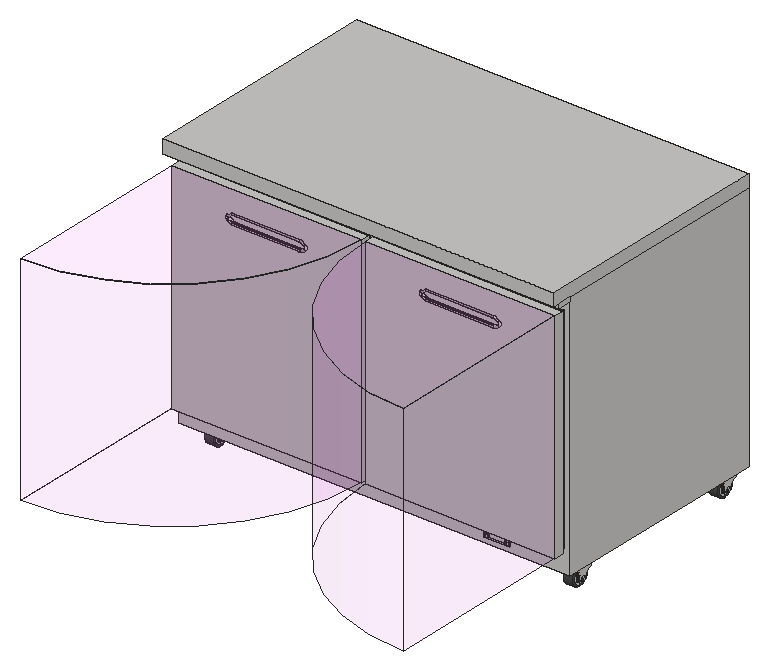
Revit family "QF_Kelvinator_738264_KCHUC48R", category Specialty Equipment, Revit 2021
Family settings
  Round Connector Dimension = Use Diameter
  Part Type = Normal
  Work Plane-Based = No
  Always vertical = Yes
  Cut with Voids When Loaded = No
  Shared = No
  Room Calculation Point = No
Parameters
  Weight in Pounds = 187.393
  Weight = 85.00 lbm
  Watts = 0 W
  Volts = 115 V
  URL Manufacturer = "KELVINATOR"
  URL Cutsheet = ""
  URL = "KELVINATOR"
  Specification by User = ""
  Specification by Manufacturer = ""
  Serial Number = ""
  Seismic Rating = ""
  SMACNA No = ""
  Revision Code = ""
  Refrigerant Type = "R600a"
  Phase = 1
  Number of Poles = 1
  NAFEM Spec ID Number = ""
  Model = "KCHUC48R"
  Min Ckt Ampacity = 0 A
  Max Overcurrent Protection = 0 A
  Masterspec = ""
  Manufacturer = "Kelvinator"
  Length Actual = 1225"
  Length = 48 1/4"
  Item Number = "738264"
  Installed By = ""
  Identify Quantity as Lot = yes
  Height Actual = 902"
  Height = 35 1/2"
  HP = "0.4 HP"
  Gas KW = 0
  Furnished By = ""
  Foodservice Equipment Identifier = yes
  FL Amps = 3 A
  Electrical Remarks = ""
  Electric Connection Type = ""
  Elec Conn RI Height = 0"
  Elec Conn Connection Height = 0"
  Description = "2-DOOR REFRIGERATED UNDER COUNTER 48\" LONG"
  Depth Actual = 760"
  Depth = 29 15/16"
  Default Elevation = 0"
  Cycle = 60 Hz
  Conn Plug = "5-15P"
  Conn Conduit = yes
  CSI MasterFormat = ""
  Apparent Power = 0 VA
  Accessory = no
Reference planes (in)
  plane 1 "BACK": y = 0
  plane 2: z = 0
  plane 3 "LEFT": x = 0
  plane 4 "RIGHT": x = 48.25
  plane 5 "FRONT": y = -29.9375
  plane 6 "TOP": z = 35.5
  plane 7 "Center Y": x = 24.125
  plane 8 "Center X": y = -14.96875
Dimensions and locks (in)
  equal spacing: plane 3 "LEFT", plane 7 "Center Y", plane 4 "RIGHT"
  "Length": plane 3 "LEFT" to plane 4 "RIGHT"
  equal spacing: plane 5 "FRONT", plane 8 "Center X", plane 1 "BACK"
  "Depth": plane 5 "FRONT" to plane 1 "BACK"
  "Height": plane 6 "TOP" to level
  aligned and locked: level to plane 2
Nested families (in)
  nested 1: "KCHST.0001" at (0, 0, 0), type "KCHST.0001"
    with Show Clearance yes
Connectors (in)
  electrical at (24.125, -0.87772, 2.31881), driven by "Volts", driven by "Watts"
    settings: on nested 1, index 1, voltage 115 V, apparent load 0 VA, apparent load phase1 0 VA, apparent load phase2 0 VA, apparent load phase3 0 VA, power factor 1, load classification "Other", number of poles 1, system type 30, power factor state 1, is connector primary yes, connector utility no, sub classification motor no, connector description ""
Definition of nested family "KCHST.0001"
  Parameters (values of type "KCHST.0001")
    Weight in Pounds = 0
    URL Cutsheet = ""
    Specification by User = ""
    Specification by Manufacturer = ""
    Show Clearance [instance] = yes
    Serial Number = ""
    Seismic Rating = ""
    SMACNA No = ""
    Revision Code = ""
    NAFEM Spec ID Number = ""
    Masterspec = ""
    Length = 48 1/4"
    Item Number = ""
    Installed By = ""
    Identify Quantity as Lot = yes
    Height = 35 1/2"
    Furnished By = ""
    Foodservice Equipment Identifier = yes
    Depth = 29 15/16"
    Default Elevation = 0"
    CSI MasterFormat = ""
  Reference planes (in)
    plane 1 "BACK": y = 0
    plane 2: z = 0
    plane 3 "LEFT": x = 0
    plane 4 "RIGHT": x = 48.25
    plane 5 "FRONT": y = -29.9375
    plane 6 "TOP": z = 35.5
    plane 7 "Center Y": x = 24.125
    plane 8 "Center X": y = -14.96875
    plane 9: z = 3.1
    plane 10: z = 33.9
    plane 11: y = -56
    plane 12: y = -29.2
    plane 13: z = 32.4
    plane 14: z = 5.6
    plane 15: y = -27.5
    plane 16: x = 46.25
    plane 17: x = 2
    plane 18: x = 23.875
    plane 19: x = 0.5
    plane 20: x = 12.17363
    plane 21: x = 36.07637
  Forms (in)
    Extrusion 1, solid
      sketch origin (0, 0, 0) x (0, 1, 0) y (0, 0, 1)
        loop
          line (-27.5, 33.9) -> (-27.5, 3.1) -> (0, 3.1) -> (0, 33.9) -> (-27.5, 33.9)
      from 0 to 48.25
    Extrusion 2, solid
      sketch origin (0, 0, 0) x (0, 1, 0) y (0, 0, 1)
        loop
          line (-29.9375, 35.5) -> (-29.9375, 33.9) -> (0, 33.9) -> (0, 35.5) -> (-29.9375, 35.5)
      from 0 to 48.25
    Extrusion 3, solid
      sketch origin (0, 0, 0) x (0, 1, 0) y (0, 0, 1)
        loop
          line (-29.2, 33.9) -> (-29.2, 33.4) -> (-27.5, 33.4) -> (-27.5, 33.9) -> (-29.2, 33.9)
      from 0 to 48.25
    Extrusion 4, solid
      sketch origin (24.125, 6.90541, 48) x (0, 1, 0) y (0, 0, 1)
        loop
          line (-36.10541, -15.6) -> (-36.10541, -42.4) -> (-34.95211, -42.4) -> (-34.95211, -15.6) -> (-36.10541, -15.6)
      from -0.25 to -23.625
    Extrusion 5, solid
      sketch origin (0, 0, 0) x (0, 1, 0) y (0, 0, 1)
        loop
          line (-28.04671, 32.20449) -> (-28.04671, 5.81322) -> (-27.79671, 5.81322) -> (-27.79671, 32.20449) -> (-28.04671, 32.20449)
      from 0.74536 to 23.60189
    Extrusion 6, solid
      sketch origin (0, 0.25, 0) x (0, 1, 0) y (0, 0, 1)
        loop
          line (-28.04671, 32.20449) -> (-28.04671, 5.81322) -> (-27.864, 5.81322) -> (-27.864, 32.20449) -> (-28.04671, 32.20449)
      from 0.74536 to 23.60189
    Extrusion 7, solid
      sketch origin (0, 0.4327, 0) x (0, 1, 0) y (0, 0, 1)
        loop
          line (-28.04671, 32.20449) -> (-28.04671, 5.81322) -> (-27.9327, 5.81322) -> (-27.9327, 32.20449) -> (-28.04671, 32.20449)
      from 0.74536 to 23.60189
    Extrusion 8, solid
      sketch origin (-4.97957, -27.5, -4.77927) x (-1, 0, 0) y (0, 0, 1)
        loop
          line (-42.67533, 9.70772) -> (-45.82493, 9.70772) -> (-45.82493, 8.52662) -> (-42.67533, 8.52662) -> (-42.67533, 9.70772)
        loop
          line (-42.75407, 9.63107) -> (-43.14777, 9.63107) -> (-43.14777, 9.31193) -> (-42.75407, 9.31193) -> (-42.75407, 9.63107)
        loop
          line (-42.75407, 9.27674) -> (-43.14777, 9.27674) -> (-43.14777, 8.9576) -> (-42.75407, 8.9576) -> (-42.75407, 9.27674)
        loop
          line (-42.75407, 8.92241) -> (-43.14777, 8.92241) -> (-43.14777, 8.60327) -> (-42.75407, 8.60327) -> (-42.75407, 8.92241)
        loop
          line (-45.74619, 9.63107) -> (-45.74619, 9.31193) -> (-45.35249, 9.31193) -> (-45.35249, 9.63107) -> (-45.74619, 9.63107)
        loop
          line (-45.74619, 9.27674) -> (-45.74619, 8.9576) -> (-45.35249, 8.9576) -> (-45.35249, 9.27674) -> (-45.74619, 9.27674)
        loop
          line (-45.74619, 8.92241) -> (-45.74619, 8.60327) -> (-45.35249, 8.60327) -> (-45.35249, 8.92241) -> (-45.74619, 8.92241)
        loop
          line (-43.22525, 9.63107) -> (-45.27501, 9.63107) -> (-45.27501, 8.60716) -> (-43.22525, 8.60716) -> (-43.22525, 9.63107)
      from 0.07874 to -0.04602
    Extrusion 9, solid
      sketch origin (-4.97957, -27.54602, -4.77927) x (1, 0, 0) y (0, 0, 1)
        loop
          line (45.35249, 9.63107) -> (45.35249, 9.31193) -> (45.74619, 9.31193) -> (45.74619, 9.63107) -> (45.35249, 9.63107)
        loop
          line (45.35249, 9.27674) -> (45.35249, 8.9576) -> (45.74619, 8.9576) -> (45.74619, 9.27674) -> (45.35249, 9.27674)
        loop
          line (45.35249, 8.92241) -> (45.35249, 8.60327) -> (45.74619, 8.60327) -> (45.74619, 8.92241) -> (45.35249, 8.92241)
        loop
          line (43.14777, 9.63107) -> (42.75407, 9.63107) -> (42.75407, 9.31193) -> (43.14777, 9.31193) -> (43.14777, 9.63107)
        loop
          line (43.14777, 9.27674) -> (42.75407, 9.27674) -> (42.75407, 8.9576) -> (43.14777, 8.9576) -> (43.14777, 9.27674)
        loop
          line (43.14777, 8.92241) -> (42.75407, 8.92241) -> (42.75407, 8.60327) -> (43.14777, 8.60327) -> (43.14777, 8.92241)
      from 0 to -0.07874
    Extrusion 10, solid
      sketch origin (-4.97957, -27.54602, -4.77927) x (1, 0, 0) y (0, 0, 1)
        loop
          line (43.22525, 9.63107) -> (43.22525, 8.60716) -> (45.27501, 8.60716) -> (45.27501, 9.63107) -> (43.22525, 9.63107)
      from 0 to -0.07874
    Extrusion 11, void
      sketch origin (-4.97957, -27.5, -4.77927) x (-1, 0, 0) y (0, 0, 1)
        loop
          line (-42.67533, 9.70772) -> (-45.82493, 9.70772) -> (-45.82493, 8.52662) -> (-42.67533, 8.52662) -> (-42.67533, 9.70772)
      from 0 to 0.07874
    Extrusion 12, void
      sketch origin (-37.41705, -29.19996, 31.5181) x (0, 0, 1) y (1, 0, 0)
        loop
          line (-1.94791, 45.41568) -> (-1.94791, 53.76568) -> (-2.28604, 54.30668)
          arc (-2.28604, 54.30668) -> (-2.38541, 54.36176) -> (-2.48479, 54.30668) r 0.11719
          line (-2.48479, 54.30668) -> (-2.82291, 53.76568) -> (-2.82291, 45.41568) -> (-2.48621, 44.87696)
          arc (-2.48621, 44.87696) -> (-2.38541, 44.82109) -> (-2.28462, 44.87696) r 0.11887
          line (-2.28462, 44.87696) -> (-1.94791, 45.41568)
      from 0 to 0.31887
    Sweep 13, solid
      path origin (-37.41705, -26.39996, 31.5181) x (0, 0, -1) y (1, 0, 0)
        loop
          line (2.82291, 53.76568) -> (2.48479, 54.30668)
          arc (2.48479, 54.30668) -> (2.38541, 54.36176) -> (2.28604, 54.30668) r 0.11719
          line (2.28604, 54.30668) -> (1.94791, 53.76568) -> (1.94791, 45.41568) -> (2.28462, 44.87696)
          arc (2.28462, 44.87696) -> (2.38541, 44.82109) -> (2.48621, 44.87696) r 0.11887
          line (2.48621, 44.87696) -> (2.82291, 45.41568) -> (2.82291, 53.76568)
      profile origin (12.17363, -26.39996, 28.69519) x (0, 0, -1) y (0, -1, 0)
        loop
          line (0, 2.8) -> (0.25, 2.8)
          arc (0.25, 2.8) -> (0.125, 2.85269) -> (0, 2.8) r 0.17461
    Extrusion 14, solid
      sketch origin (-9.65625, -3.56521, 3.1) x (-1, 0, 0) y (0, 1, 0)
        loop
          circle (-33.78125, 2.68749) r 0.25
      from 0 to 0.78119
    Extrusion 15, solid
      sketch origin (24.125, 6.90541, 48) x (0, 1, 0) y (0, 0, -1)
        loop
          line (-36.10541, 15.6) -> (-34.95211, 15.6) -> (-34.95211, 42.4) -> (-36.10541, 42.4) -> (-36.10541, 15.6)
      from -0.25 to -23.625
    Extrusion 16, solid
      sketch origin (48.25, 0, 0) x (0, 1, 0) y (0, 0, -1)
        loop
          line (-28.04671, -32.20449) -> (-27.79671, -32.20449) -> (-27.79671, -5.81322) -> (-28.04671, -5.81322) -> (-28.04671, -32.20449)
      from 0.74536 to 23.60189
    Extrusion 17, solid
      sketch origin (48.25, 0.25, 0) x (0, 1, 0) y (0, 0, -1)
        loop
          line (-28.04671, -32.20449) -> (-27.864, -32.20449) -> (-27.864, -5.81322) -> (-28.04671, -5.81322) -> (-28.04671, -32.20449)
      from 0.74536 to 23.60189
    Extrusion 18, solid
      sketch origin (48.25, 0.4327, 0) x (0, 1, 0) y (0, 0, -1)
        loop
          line (-28.04671, -32.20449) -> (-27.9327, -32.20449) -> (-27.9327, -5.81322) -> (-28.04671, -5.81322) -> (-28.04671, -32.20449)
      from 0.74536 to 23.60189
    Extrusion 19, void
      sketch origin (85.66705, -29.19996, 31.5181) x (0, 0, 1) y (1, 0, 0)
        loop
          line (-1.94791, -45.41568) -> (-2.28462, -44.87696)
          arc (-2.28462, -44.87696) -> (-2.38541, -44.82109) -> (-2.48621, -44.87696) r 0.11887
          line (-2.48621, -44.87696) -> (-2.82291, -45.41568) -> (-2.82291, -53.76568) -> (-2.48479, -54.30668)
          arc (-2.48479, -54.30668) -> (-2.38541, -54.36176) -> (-2.28604, -54.30668) r 0.11719
          line (-2.28604, -54.30668) -> (-1.94791, -53.76568) -> (-1.94791, -45.41568)
      from 0 to 0.31887
    Sweep 20, solid
      path origin (85.66705, -26.39996, 31.5181) x (0, 0, -1) y (1, 0, 0)
        loop
          line (2.82291, -53.76568) -> (2.82291, -45.41568) -> (2.48621, -44.87696)
          arc (2.48621, -44.87696) -> (2.38541, -44.82109) -> (2.28462, -44.87696) r 0.11887
          line (2.28462, -44.87696) -> (1.94791, -45.41568) -> (1.94791, -53.76568) -> (2.28604, -54.30668)
          arc (2.28604, -54.30668) -> (2.38541, -54.36176) -> (2.48479, -54.30668) r 0.11719
          line (2.48479, -54.30668) -> (2.82291, -53.76568)
      profile origin (36.07637, -26.39996, 28.69519) x (0, 0, 1) y (0, -1, 0)
        loop
          arc (0, 2.8) -> (-0.125, 2.85269) -> (-0.25, 2.8) r 0.17461
          line (-0.25, 2.8) -> (0, 2.8)
    Extrusion 21, solid, visible <- "Show Clearance"
      sketch origin (0, 9.61225, 5.6) x (1, 0, 0) y (0, -1, 0)
        loop
          arc (23.875, 38.81225) -> (17.02862, 55.34087) -> (0.5, 62.18725) r 23.375
          line (0.5, 62.18725) -> (0.5, 38.81225) -> (23.875, 38.81225)
        loop
          line (24.375, 38.81225) -> (47.75, 38.81225) -> (47.75, 62.18725)
          arc (47.75, 62.18725) -> (31.22138, 55.34087) -> (24.375, 38.81225) r 23.375
      from 0 to -26.8
  Cuts and joins
    Extrusion 11 cuts Extrusion 8
    Extrusion 12, Extrusion 19 cuts Extrusion 4
    Extrusion 19 cuts Extrusion 15
  Lines and regions (in)
    symbolic lines
      curve 1: line (48.25, -29.9375, 0) -> (48.25, 0, 0)
      curve 2: line (48.25, 0, 0) -> (0, 0, 0)
      curve 3: line (0, 0, 0) -> (0, -29.9375, 0)
      curve 4: line (0, -29.9375, 0) -> (48.25, -29.9375, 0)
    symbolic lines, visible <- "Show Clearance"
      curve 5: arc (23.86336, -29.9375, 0) -> (22.89064, -35.91193, 0) -> (20.41644, -41.43626, 0) r 23.375
      curve 6: arc (27.83356, -41.43626, 0) -> (25.35936, -35.91193, 0) -> (24.38664, -29.9375, 0) r 23.375
      curve 7: line (0.5, -29.9375, 0) -> (20.41644, -41.43626, 0)
      curve 8: line (47.75, -29.9375, 0) -> (27.83356, -41.43626, 0)
  Dimensions and locks (in)
    equal spacing: plane 3 "LEFT", plane 7 "Center Y", plane 4 "RIGHT"
    "Length": plane 3 "LEFT" to plane 4 "RIGHT"
    equal spacing: plane 5 "FRONT", plane 8 "Center X", plane 1 "BACK"
    "Depth": plane 5 "FRONT" to plane 1 "BACK"
    "Height": plane 6 "TOP" to level
    level to plane 9 = 3.1"
    plane 10 to plane 9 = 30.8"
    plane 11 to plane 1 "BACK" = 56"
    plane 14 to plane 13 = 26.8"
    locked: plane 4 "RIGHT" to plane 16 at 2
    locked: plane 3 "LEFT" to plane 17 at 2
    locked: plane 19 to plane 3 "LEFT" at 0.5
    plane 9 to plane 6 "TOP" = 32.4"
    plane 3 "LEFT" to plane 4 "RIGHT" = 48 1/4"
    aligned and locked: level to plane 2
    aligned and locked: plane 16 to nested 1
    aligned and locked: nested 2 to plane 17
    aligned and locked: Extrusion 1 to plane 4 "RIGHT"
    aligned and locked: plane 4 "RIGHT" to Extrusion 1
    aligned and locked: Extrusion 3 to plane 4 "RIGHT"
    aligned and locked: Extrusion 2 to plane 4 "RIGHT"
    aligned and locked: plane 18 to cut or joined group of Extrusion 4, Extrusion 12, Extrusion 19
    aligned and locked: cut or joined group of Extrusion 4, Extrusion 12, Extrusion 19 to plane 19
    aligned and locked: plane 16 to nested 3
  Automatic sketch dimensions
    plane 9 to Extrusion 1 sketch curve = 0"
    Extrusion 1 sketch curve to plane 15 = 0"
    Extrusion 1 sketch curve to plane 1 "BACK" = 0"
    Extrusion 1 sketch curve to plane 10 = 0"
    Extrusion 2 sketch curve to plane 5 "FRONT" = 0"
    Extrusion 2 sketch curve to plane 1 "BACK" = 0"
    Extrusion 2 sketch curve to plane 10 = 0"
    Extrusion 2 sketch curve to plane 6 "TOP" = 0"
    Extrusion 3 sketch curve to plane 10 = 0"
    Extrusion 3 sketch curve to plane 12 = 0"
    Extrusion 3 sketch curve to plane 15 = 0"
    Extrusion 3 sketch curve to Extrusion 3 sketch curve = 1/2"
    Extrusion 4 sketch curve to plane 12 = 0"
    plane 14 to Extrusion 4 sketch curve = 0"
    plane 13 to Extrusion 4 sketch curve = 0"
    Extrusion 4 sketch curve to plane 15 = 0.54671"
    Extrusion 5 sketch curve to plane 14 = 0.21322"
    Extrusion 5 sketch curve to plane 15 = 0.54671"
    Extrusion 5 sketch curve to Extrusion 5 sketch curve = 1/4"
    plane 13 to Extrusion 5 sketch curve = 0.19551"
    Extrusion 6 sketch curve to plane 15 = 0.29671"
    Extrusion 6 sketch curve to plane 15 = 0.114"
    Extrusion 6 sketch curve to plane 14 = 0.21322"
    plane 13 to Extrusion 6 sketch curve = 0.19551"
    Extrusion 7 sketch curve to plane 15 = 0"
    Extrusion 7 sketch curve to Extrusion 7 sketch curve = 0.114"
    Extrusion 7 sketch curve to plane 14 = 0.21322"
    plane 13 to Extrusion 7 sketch curve = 0.19551"
    plane 14 to Extrusion 8 sketch curve = 0.67154"
    Extrusion 8 sketch curve to plane 21 = 4.76899"
    Extrusion 8 sketch curve to Extrusion 8 sketch curve = 0.07874"  (x3)
    Extrusion 8 sketch curve to Extrusion 8 sketch curve = 0"  (x7)
    Extrusion 8 sketch curve to Extrusion 8 sketch curve = 0.3937"  (x2)
    Extrusion 8 sketch curve to Extrusion 8 sketch curve = 0.07748"  (x3)
    Extrusion 8 sketch curve to plane 9 = 0.72789"
    Extrusion 8 sketch curve to Extrusion 8 sketch curve = 2.04976"
    Extrusion 8 sketch curve to Extrusion 8 sketch curve = 1/256"  (x2)
    Extrusion 8 sketch curve to Extrusion 8 sketch curve = 0.07665"  (x3)
    Extrusion 8 sketch curve to Extrusion 8 sketch curve = 0.31914"  (x4)
    Extrusion 8 sketch curve to Extrusion 8 sketch curve = 0.03519"  (x4)
    Extrusion 8 to Extrusion 9 sketch curve = 0"  (x10)
    Extrusion 9 sketch curve to Extrusion 8 = 0"  (x14)
    Extrusion 10 sketch curve to Extrusion 8 = 0"  (x3)
    Extrusion 8 to Extrusion 10 sketch curve = 0"
    plane 14 to Extrusion 11 sketch curve = 0.67154"
    Extrusion 11 sketch curve to plane 21 = 4.76899"
    Extrusion 11 sketch curve to plane 9 = 0.64735"
    Extrusion 11 sketch curve to plane 21 = 1.61938"
    plane 13 to Extrusion 12 sketch curve = 3.70481"
    Extrusion 12 sketch curve to Extrusion 12 sketch curve = 0.3367"
    Extrusion 12 sketch curve to Extrusion 12 sketch curve = 0.33813"  (x2)
    Extrusion 12 sketch curve to Extrusion 12 sketch curve = 0.09937"  (x2)
    Extrusion 12 sketch curve to Extrusion 12 sketch curve = 0.1008"  (x2)
    Extrusion 12 sketch curve to plane 20 = 4.71372"
    Extrusion 12 sketch curve to Extrusion 12 sketch curve = 0.063"
    Extrusion 12 sketch curve to Extrusion 12 sketch curve = 0.53872"  (x2)
    plane 20 to Extrusion 12 sketch curve = 4.175"
    Extrusion 12 sketch curve to Extrusion 12 sketch curve = 0"
    Extrusion 12 sketch curve to Extrusion 12 sketch curve = 0.47889"
    Extrusion 12 sketch curve to Extrusion 12 sketch curve = 0.06211"
    plane 13 to Sweep 13 sketch curve = 2.82981"
    Sweep 13 sketch curve to Sweep 13 sketch curve = 0.3367"
    Sweep 13 sketch curve to Sweep 13 sketch curve = 0.33813"  (x2)
    Sweep 13 sketch curve to Sweep 13 sketch curve = 0.09937"  (x2)
    Sweep 13 sketch curve to Sweep 13 sketch curve = 0.1008"  (x2)
    Sweep 13 sketch curve to plane 20 = 4.71372"
    Sweep 13 sketch curve to Sweep 13 sketch curve = 0.063"
    Sweep 13 sketch curve to Sweep 13 sketch curve = 0.53872"  (x2)
    plane 20 to Sweep 13 sketch curve = 4.175"
    Sweep 13 sketch curve to Sweep 13 sketch curve = 0"
    Sweep 13 sketch curve to Sweep 13 sketch curve = 0.47889"
    Sweep 13 sketch curve to Sweep 13 sketch curve = 0.06211"
    Sweep 13 sketch curve to profile plane = 0"
    Sweep 13 sketch curve to profile plane = 1/8"
    profile plane to Sweep 13 sketch curve = 2.67809"
    Sweep 13 sketch curve to Sweep 13 sketch curve = 0.12191"
    Extrusion 15 sketch curve to plane 12 = 0"
    plane 14 to Extrusion 15 sketch curve = 0"
    plane 13 to Extrusion 15 sketch curve = 0"
    Extrusion 15 sketch curve to plane 15 = 0.54671"
    Extrusion 16 sketch curve to plane 14 = 0.21322"
    Extrusion 16 sketch curve to plane 15 = 0.54671"
    Extrusion 16 sketch curve to Extrusion 16 sketch curve = 1/4"
    plane 13 to Extrusion 16 sketch curve = 0.19551"
    Extrusion 17 sketch curve to plane 15 = 0.29671"
    Extrusion 17 sketch curve to plane 15 = 0.114"
    plane 13 to Extrusion 17 sketch curve = 0.19551"
    Extrusion 17 sketch curve to plane 14 = 0.21322"
    Extrusion 18 sketch curve to plane 15 = 0"
    Extrusion 18 sketch curve to Extrusion 18 sketch curve = 0.114"
    plane 13 to Extrusion 18 sketch curve = 0.19551"
    Extrusion 18 sketch curve to plane 14 = 0.21322"
    plane 13 to Extrusion 19 sketch curve = 3.70481"
    Extrusion 19 sketch curve to Extrusion 19 sketch curve = 0.3367"
    Extrusion 19 sketch curve to Extrusion 19 sketch curve = 0.33813"  (x2)
    Extrusion 19 sketch curve to Extrusion 19 sketch curve = 0.09937"  (x2)
    Extrusion 19 sketch curve to Extrusion 19 sketch curve = 0.1008"  (x2)
    plane 21 to Extrusion 19 sketch curve = 4.716"
    Extrusion 19 sketch curve to Extrusion 19 sketch curve = 0.06211"
    Extrusion 19 sketch curve to Extrusion 19 sketch curve = 0.541"  (x2)
    Extrusion 19 sketch curve to plane 21 = 4.175"
    Extrusion 19 sketch curve to Extrusion 19 sketch curve = 0"
    Extrusion 19 sketch curve to Extrusion 19 sketch curve = 0.47572"
    Extrusion 19 sketch curve to Extrusion 19 sketch curve = 0.063"
    plane 13 to Sweep 20 sketch curve = 2.82981"
    Sweep 20 sketch curve to Sweep 20 sketch curve = 0.3367"
    Sweep 20 sketch curve to Sweep 20 sketch curve = 0.33813"  (x2)
    Sweep 20 sketch curve to Sweep 20 sketch curve = 0.09937"  (x2)
    Sweep 20 sketch curve to Sweep 20 sketch curve = 0.1008"  (x2)
    plane 21 to Sweep 20 sketch curve = 4.716"
    Sweep 20 sketch curve to Sweep 20 sketch curve = 0.06211"
    Sweep 20 sketch curve to Sweep 20 sketch curve = 0.541"  (x2)
    Sweep 20 sketch curve to plane 21 = 4.175"
    Sweep 20 sketch curve to Sweep 20 sketch curve = 0"
    Sweep 20 sketch curve to Sweep 20 sketch curve = 0.47572"
    Sweep 20 sketch curve to Sweep 20 sketch curve = 0.063"
    profile plane to Sweep 20 sketch curve = 0"
    profile plane to Sweep 20 sketch curve = 1/8"
    profile plane to Sweep 20 sketch curve = 2.67809"
    Sweep 20 sketch curve to Sweep 20 sketch curve = 0.12191"
    curve 4 to plane 3 "LEFT" = 0"
    plane 5 "FRONT" to curve 7 = 0"
    curve 7 to plane 19 = 0"
    curve 5 to plane 12 = 0"
    curve 5 to plane 19 = 0"
    curve 6 to plane 12 = 0"
    plane 1 "BACK" to curve 1 = 0"
    curve 1 to plane 4 "RIGHT" = 0"
    curve 7 to plane 18 = 3.45856"
    plane 4 "RIGHT" to curve 6 = 1/2"
    plane 5 "FRONT" to curve 7 = 11.49876"
    plane 7 "Center Y" to curve 6 = 0.26164"
    plane 7 "Center Y" to curve 8 = 3.70856"
    plane 4 "RIGHT" to curve 8 = 1/2"
    Extrusion 1 to Extrusion 14 sketch curve = 0.87772"
    Extrusion 14 sketch curve to Extrusion 1 = 24 1/8"
    Extrusion 21 sketch curve to plane 12 = 0"  (x2)
    Extrusion 21 sketch curve to plane 19 = 0"
    Extrusion 21 sketch curve to plane 18 = 0"
    plane 7 "Center Y" to Extrusion 21 sketch curve = 1/4"
    plane 4 "RIGHT" to Extrusion 21 sketch curve = 1/2"
    radius of Extrusion 14 sketch curve = 1/4"
  Nested families (in)
    nested 1: "3 INCHES 01_CASTER" at (46.25, -24.75, 0), type "3 INCHES 01_CASTER"
      with Type Mark "", Specification by User "", Revision Code "", Item Number "", Installed By "", Identify Quantity as Lot yes, Furnished By "", Foodservice Equipment Identifier yes, 3 Inches Caster yes
    nested 2: "3 INCHES 01_CASTER" at (2, -24.75, 0), type "3 INCHES 01_CASTER"
      with Type Mark "", Specification by User "", Revision Code "", Item Number "", Installed By "", Identify Quantity as Lot yes, Furnished By "", Foodservice Equipment Identifier yes, 3 Inches Caster yes
    nested 3: "3 INCHES 01_CASTER" at (46.25, -2.375, 0), type "3 INCHES 01_CASTER"
      with Type Mark "", Specification by User "", Revision Code "", Item Number "", Installed By "", Identify Quantity as Lot yes, Furnished By "", Foodservice Equipment Identifier yes, 3 Inches Caster yes
    nested 4: "3 INCHES 01_CASTER" at (2, -2.375, 0), type "3 INCHES 01_CASTER"
      with Type Mark "", Specification by User "", Revision Code "", Item Number "", Installed By "", Identify Quantity as Lot yes, Furnished By "", Foodservice Equipment Identifier yes, 3 Inches Caster yes
  Definition of nested family "3 INCHES 01_CASTER"
    Parameters (values of type "3 INCHES 01_CASTER")
      Weight = ""
      URL Manufacturer = ""
      URL Cutsheet = ""
      URL = ""
      Type Mark [instance] = ""
      Specification by User [instance] = ""
      Specification by Manufacturer = ""
      Serial Number = ""
      Seismic Rating = ""
      SMACNA No = ""
      Revision Code [instance] = ""
      Omniclass Number and Title = ""
      NAFEM Spec ID Number = ""
      Model = ""
      MasterSpec. = ""
      Manufacturer = ""
      Item Number [instance] = ""
      Installed By [instance] = ""
      Identify Quantity as Lot [instance] = yes
      Furnished By [instance] = ""
      Foodservice Equipment Identifier [instance] = yes
      Description = ""
      Default Elevation = 0"
      CSI MasterFormat = ""
      CSI Master Format = ""
      Assembly Code = ""
      3 Inches Caster [instance] = yes
    Reference planes (in)
      plane 1: z = 0
      plane 2 "RIGHT": x = 0
      plane 3 "FRONT": y = 0
      plane 4 "TOP": z = 3.1
    Forms (in)
      Revolve 1, solid, visible <- "3 Inches Caster"
        sketch origin (-1.93794, 0.56004, -1.0041) x (1, 0, 0) y (0, 0, 1)
          loop
            line (0.74055, 2.11347) -> (0.74055, 2.03797) -> (0.79055, 1.98797) -> (0.85055, 1.98797) -> (0.85055, 1.8679) -> (1.235, 1.8679) -> (1.235, 1.7068) -> (1.36441, 1.63209) -> (1.4003, 1.41035) -> (1.34375, 1.41035) -> (1.34375, 1.28535) -> (1.375, 1.28535) -> (1.375, 1.0041) -> (2.48438, 1.0041) -> (2.48438, 1.28535) -> (2.51563, 1.28535) -> (2.51563, 1.41035) -> (2.45908, 1.41035) -> (2.49553, 1.6356) -> (2.62438, 1.70999) -> (2.62438, 1.8679) -> (3.04007, 1.8679) -> (3.04007, 1.98797) -> (3.10007, 1.98797) -> (3.15007, 2.03797) -> (3.15007, 2.11347) -> (0.74055, 2.11347)
          axis (0.74055, 2.11347) -> (3.15007, 2.11347)
        angle from 0 to 360
      Extrusion 2, solid, visible <- "3 Inches Caster"
        sketch origin (-1.93794, 1.35294, -3.2541) x (0, 1, 0) y (0, 0, 1)
          loop
            line (-0.41094, 5.86793) -> (-0.41094, 6.01276) -> (-2.29494, 6.01276) -> (-2.29494, 5.71244) -> (-1.82301, 5.71244)
            arc (-1.82301, 5.71244) -> (-1.00307, 5.59865) -> (-0.19592, 5.41488) r 9.6332
            arc (-0.19592, 5.41488) -> (0.12646, 5.29481) -> (0.42224, 5.11916) r 1.92059
            line (0.42224, 5.11916) -> (0.51314, 5.245)
            arc (0.51314, 5.245) -> (0.27353, 5.42569) -> (0.01201, 5.5729) r 2.25036
            line (0.01201, 5.5729) -> (0.09371, 5.71426)
            arc (0.09371, 5.71426) -> (-0.15272, 5.81043) -> (-0.41094, 5.86793) r 1.73151
        from 1.17357 to 2.70231
      Revolve 3, solid, visible <- "3 Inches Caster"
        sketch origin (0, 1.73858, -3.25) x (0, 1, 0) y (0, 0, 1)
          loop
            line (-1.73858, 6.35) -> (-1.73858, 6.00866) -> (-0.93293, 6.00866) -> (-0.93293, 6.35) -> (-1.73858, 6.35)
          axis (-1.73858, 6.00866) -> (-1.73858, 6.35)
        angle from 0 to 360
      Extrusion 4, solid, visible <- "3 Inches Caster"
        sketch origin (-1.98481, 1.35294, -1.7541) x (0, 1, 0) y (0, 0, 1)
          loop
            line (-2.29494, 4.51276) -> (-2.29494, 4.21244) -> (-2.2074, 4.21244)
            arc (-2.2074, 4.21244) -> (-1.58796, 3.87196) -> (-1.3103, 3.22193) r 1.0835
            arc (-1.3103, 3.22193) -> (-1.27304, 2.98711) -> (-1.19616, 2.76214) r 1.38462
            arc (-1.19616, 2.76214) -> (-0.77704, 2.49744) -> (-0.37393, 2.78593) r 0.44401
            arc (-0.37393, 2.78593) -> (-0.35491, 2.84407) -> (-0.34077, 2.90358) r 0.74034
            arc (-0.34077, 2.90358) -> (-0.07302, 3.38916) -> (0.4279, 3.62699) r 0.90376
            line (0.4279, 3.62699) -> (0.51314, 3.745)
            arc (0.51314, 3.745) -> (0.27353, 3.92569) -> (0.01201, 4.0729) r 2.25036
            line (0.01201, 4.0729) -> (0.09371, 4.21426)
            arc (0.09371, 4.21426) -> (-0.15272, 4.31043) -> (-0.41094, 4.36793) r 1.73151
            line (-0.41094, 4.36793) -> (-0.41094, 4.51276) -> (-2.29494, 4.51276)
        from 2.74918 to 2.90825
      Extrusion 5, solid, visible <- "3 Inches Caster"
        sketch origin (1.98481, 1.35294, -1.7541) x (0, 1, 0) y (0, 0, -1)
          loop
            line (-2.29494, -4.51276) -> (-0.41094, -4.51276) -> (-0.41094, -4.36793)
            arc (-0.41094, -4.36793) -> (-0.15272, -4.31043) -> (0.09371, -4.21426) r 1.73151
            line (0.09371, -4.21426) -> (0.01201, -4.0729)
            arc (0.01201, -4.0729) -> (0.27353, -3.92569) -> (0.51314, -3.745) r 2.25036
            line (0.51314, -3.745) -> (0.4279, -3.62699)
            arc (0.4279, -3.62699) -> (-0.07302, -3.38916) -> (-0.34077, -2.90358) r 0.90376
            arc (-0.34077, -2.90358) -> (-0.35491, -2.84407) -> (-0.37393, -2.78593) r 0.74034
            arc (-0.37393, -2.78593) -> (-0.77704, -2.49744) -> (-1.19616, -2.76214) r 0.44401
            arc (-1.19616, -2.76214) -> (-1.27304, -2.98711) -> (-1.3103, -3.22193) r 1.38462
            arc (-1.3103, -3.22193) -> (-1.58796, -3.87196) -> (-2.2074, -4.21244) r 1.0835
            line (-2.2074, -4.21244) -> (-2.29494, -4.21244) -> (-2.29494, -4.51276)
        from 2.74918 to 2.90825
    Cuts and joins
      joined: Extrusion 2, Extrusion 4, Extrusion 5
    Lines and regions (in)
      symbolic lines, visible <- "3 Inches Caster"
        curve 1: line (0.1877, 1.65194, 0) -> (0.89063, 1.2461, 0)
        curve 2: line (-1.00175, -0.40823, 0) -> (0.1877, 1.65194, 0)
        curve 3: line (-0.29881, -0.81407, 0) -> (-1.00175, -0.40823, 0)
        curve 4: line (0.89063, 1.2461, 0) -> (-0.29881, -0.81407, 0)
    Dimensions and locks (in)
      plane 4 "TOP" to level = 3.1"  (x2)
      aligned and locked: level to plane 1
